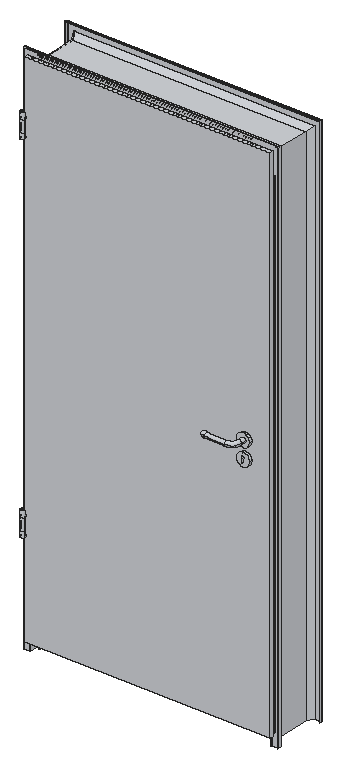
Revit family "BOS-Schrägleibungszarge-cBud-MW_Familie", category Türen, Revit 2017
Family settings
  Basisbauteil = Wand
  Immer vertikal = Ja
  Beim Laden mit Abzugskörper schneiden = Nein
  Gemeinsam genutzt = Nein
  Raumberechnungspunkt = Ja
Parameters (values of type "cBud")
  Öffnungswinkel [instance] = if(Öffnungswinkel   Aperture < Öffnungswinkel min., Öffnungswinkel min., if(Öffnungswinkel   Aperture > Öffnungswinkel max., Öffnungswinkel max., Öffnungswinkel   Aperture)) * if(DIN links   DIN Left, 1, -1)  # 0.00°
  Öffnungswinkel min. = 0.00°  # constant formula
  Öffnungswinkel max. = 180.00°  # constant formula
  Öffnungswinkel   Aperture [instance] = 0.00°
  Türblattaufschlag = 13 mm  # constant formula
  Türblattabstand links-rechts = 3.5 mm  # constant formula
  Spiegel vorne min. = 30 mm  # constant formula
  Spiegel vorne max. = 80 mm  # constant formula
  Spiegel hinten min. [instance] = Spiegel vorne + Falzaufschlag gesamt - Schrägebreite  # 30 mm
  Spiegel hinten max. [instance] = Spiegel vorne + Falzaufschlag gesamt - Schrägebreite  # 30 mm
  Sickentiefe = 10 mm  # constant formula
  Schrägetiefe min. = 15 mm  # constant formula
  Schrägetiefe max. = Falztiefe gesamt  # 28.5 mm
  Schrägetiefe   Slanting soffit depth [instance] = 28.5 mm
  Schrägetiefe [instance] = if(Schrägetiefe   Slanting soffit depth < Schrägetiefe min., Schrägetiefe min., if(Schrägetiefe   Slanting soffit depth > Schrägetiefe max., Schrägetiefe max., Schrägetiefe   Slanting soffit depth))  # 28.5 mm
  Schrägebreite min. = Falzaufschlag gesamt  # 15 mm
  Schrägebreite max. = Falzaufschlag gesamt  # 15 mm
  Schrägebreite   Slanting soffit width [instance] = Falzaufschlag gesamt  # 15 mm
  Schrägebreite [instance] = if(Schrägebreite   Slanting soffit width < Schrägebreite min., Schrägebreite min., if(Schrägebreite   Slanting soffit width > Schrägebreite max., Schrägebreite max., Schrägebreite   Slanting soffit width))  # 15 mm
  RNH Rohbau_Nennmaß_Höhe   Nominal Wall Opening Height Measurement [instance] = FMH Falzmaß Höhe + Einfügepunkt  # 2145 mm
  RNB Rohbau_Nennmaß_Breite   Nominal Wall Opening Width Measurement [instance] = FMB Falzmaß Breite + (2 * Einfügepunkt)  # 1040 mm
  Putzwinkel min. = 10 mm  # constant formula
  Putzwinkel max. = 28 mm  # constant formula
  MW min. (Formel) [instance] = Falztiefe gesamt + Leibungstiefe min. + Schrägetiefe - Putzwinkel vorne - Putzwinkel hinten  # 64 mm
  Leibungstiefe min. = 27 mm  # constant formula
  GT min. [instance] = MW min. + Putzwinkel vorne + Putzwinkel hinten  # 100 mm
  Drehpunktreferenz horizontal = 500 mm  # constant formula
  Türblattversatz vertikal = if(Gefälzt, -3.5 mm, 15.5 mm)  # -3.5 mm
  Türblattversatz  horizontal = if(Gefälzt, 11.5 mm, 6 mm)  # 11.5 mm
  Türblattabstand 3 = 4.5 mm  # constant formula
  Türblattabstand 2 = 4.5 mm  # constant formula
  Türblattabstand 1 = if(Gefälzt, 1.5 mm, -2 mm)  # 1.5 mm
  Wandstärke   Wall Thickness [instance] = 200 mm
  Stumpf = or(cBsd, cBsFd)  # no
  VX Bänder [instance] = 1 < 2  # yes
  Putzwinkel vorne   Backbend Front [instance] = 10 mm  # constant formula
  Putzwinkel hinten   Backbend Back [instance] = 10 mm  # constant formula
  LDH Lichte Durchgangs Höhe   Clearance Height [instance] = FMH Falzmaß Höhe - Falzaufschlag gesamt  # 2093 mm
  LDB Lichte Durchgangs Breite   Clearance Width [instance] = FMB Falzmaß Breite - (2 * Falzaufschlag gesamt)  # 936 mm
  Gefälzt = or(cBud, cBuFd)  # yes
  URL = "www.BestOfSteel.de/stahlzargen/zargen-fuer-drehfluegeltueren/schraegleibungszargen"
  Türblattstärke 3 = if(Doppelfalz, Falztiefe 2, 0 mm)  # 0 mm
  Türblattstärke 2 = Türblattstärke - Türblattstärke 1 - Türblattstärke 3  # 25.5 mm
  Türblattstärke 1 = if(Gefälzt, 14.5 mm, 0 mm)  # 14.5 mm
  Türblattstärke = if(Einfachfalz, 40 mm, 65 mm)  # 40 mm
  Typenbild = <Keine Auswahl>
  Spiegel vorne   Architrave Front [instance] = 30 mm
  Spiegel vorne [instance] = if(Spiegel vorne   Architrave Front < Spiegel vorne min., Spiegel vorne min., if(Spiegel vorne   Architrave Front > Spiegel vorne max., Spiegel vorne max., Spiegel vorne   Architrave Front))  # 30 mm
  Spiegel hinten   Architrave Back [instance] = 30 mm
  Spiegel hinten [instance] = if(Spiegel hinten   Architrave Back < Spiegel hinten min., Spiegel hinten min., if(Spiegel hinten   Architrave Back > Spiegel hinten max., Spiegel hinten max., Spiegel hinten   Architrave Back))  # 30 mm
  Rough Height = 0 mm  # constant formula
  Rough Width = 0 mm  # constant formula
  Rechtliche Hinweise [instance] = "www.BestOfSteel.de/tools-downloads/bim-building-information-modeling/"
  Putzwinkel vorne [instance] = if(Putzwinkel vorne   Backbend Front < Putzwinkel min., Putzwinkel min., if(Putzwinkel vorne   Backbend Front > Putzwinkel max., Putzwinkel max., Putzwinkel vorne   Backbend Front))  # 10 mm
  Putzwinkel hinten [instance] = if(Putzwinkel hinten   Backbend Back < Putzwinkel min., Putzwinkel min., if(Putzwinkel hinten   Backbend Back > Putzwinkel max., Putzwinkel max., Putzwinkel hinten   Backbend Back))  # 10 mm
  MW min. [instance] = if([MW min. (Formel)] < 80.5 mm, 80 mm, if([MW min. (Formel)] < 100.5 mm, 100 mm, if([MW min. (Formel)] < 130.5 mm, 130 mm, if([MW min. (Formel)] < 145.5 mm, 145 mm, 160 mm))))  # 80 mm
  MW max. [instance] = GT max. - Putzwinkel vorne - Putzwinkel hinten  # 630 mm
  Information in English = no
  GT max. = 650 mm  # constant formula
  GT Gesamttiefe [instance] = GT Gesamttiefe_Zarge   Total Profile Depth  # 220 mm
  Funktion = Innen
  Falztiefe gesamt = if(Einfachfalz, Falztiefe, Falztiefe + Falztiefe 2)  # 28.5 mm
  Falztiefe 2 = 25 mm  # constant formula
  Falztiefe = Türblattstärke 2 - Türblattabstand 1 + Türblattabstand 2  # 28.5 mm
  Falzaufschlag gesamt = if(Einfachfalz, Falzaufschlag, 2 * Falzaufschlag)  # 15 mm
  FMH min. = 1608 mm  # constant formula
  FMH max. = 2858 mm  # constant formula
  FMH Falzmaß_Höhe   Rebate Height Measurement [instance] = 2108 mm
  FMH Falzmaß Höhe [instance] = if(FMH Falzmaß_Höhe   Rebate Height Measurement < FMH min., FMH min., if(FMH Falzmaß_Höhe   Rebate Height Measurement > FMH max., FMH max., FMH Falzmaß_Höhe   Rebate Height Measurement))  # 2108 mm
  FMB min. = 591 mm  # constant formula
  FMB max. = 1342 mm  # constant formula
  FMB Falzmaß_Breite   Rebate Width Measurement [instance] = 966 mm
  FMB Falzmaß Breite [instance] = if(FMB Falzmaß_Breite   Rebate Width Measurement < FMB min., FMB min., if(FMB Falzmaß_Breite   Rebate Width Measurement > FMB max., FMB max., FMB Falzmaß_Breite   Rebate Width Measurement))  # 966 mm
  Drückerhöhe [instance] = if(Drückerhöhe   Handle Height < 850 mm, 850 mm, if(Drückerhöhe   Handle Height > 1050 mm, 1050 mm, Drückerhöhe   Handle Height))  # 1050 mm
  Drehpunkt Warnung sichtbar = yes
  Drehpunkt Warnung [instance] = and(Drehpunkt Warnung sichtbar, not(Öffnungswinkel = 0.00°))  # no
  Doppelfalz = or(cBuFd, cBsFd)  # no
  Einfachfalz = or(cBud, cBsd)  # yes
  Dichtungsversatz vertikal 2 [instance] = Falztiefe + Sickentiefe - Putzwinkel vorne + Falztiefe 2  # 53.5 mm
  Dichtungsversatz vertikal 1 [instance] = Falztiefe + Sickentiefe - Putzwinkel vorne  # 28.5 mm
  Dichtungsversatz horizontal 2 [instance] = Falzaufschlag  # 15 mm
  Dichtungsversatz horizontal 1 [instance] = 0 mm  # constant formula
  Dichtung 2 = Doppelfalz  # no
  Dichtung 1 = or(Einfachfalz, Doppelfalz)  # yes
  Drehpunktposition vertikal [instance] = (Wandstärke   Wall Thickness / 2) + Putzwinkel vorne + [Drehpunktabstand (SP) vertikal]  # 122.5 mm
  Drehpunktposition horizontal [instance] = Drehpunktreferenz horizontal + Einfügepunkt + if(DIN links   DIN Left, FMB Falzmaß Breite + [Drehpunktabstand (FM) horizontal], -[Drehpunktabstand (FM) horizontal])  # 1524 mm
  Drehpunktabstand (FM) horizontal = if(Gefälzt, 21 mm, 2.5 mm)  # 21 mm
  Drehpunktabstand (SP) vertikal = if(Gefälzt, 12.5 mm, 13.5 mm)  # 12.5 mm
  Bänder - Auswahl [instance] = if(Gefälzt, "3D Bänder gefälzt, Bandaufnahmen BVX11000", "3D Bänder stumpf, Bandaufnahmen BVX11000")  # "3D Bänder gefälzt, Bandaufnahmen BVX11000"
  Blechstärke = 1.5 mm  # constant formula
  BE max. = 100 mm  # constant formula
  BE Bodeneinstand [instance] = if(BE Bodeneinstand   Foundation Bedding < 0 mm, 0 mm, if(BE Bodeneinstand   Foundation Bedding > BE max., BE max., BE Bodeneinstand   Foundation Bedding))  # 30 mm
  cBsFd = no
  cBuFd = no
  Modell = "cBud"
  Material - Zarge = none
  Material - Türblatt = none
  Material - Drückergarnitur = none
  Material - Dichtung = none
  Material - Bänder = none
  Material = "grundiert, feuerverzinktes Feinblech nach DIN EN 10143"
  MW Maulweite   Receiving Opening [instance] = if(Wandstärke   Wall Thickness < MW min., MW min., if(Wandstärke   Wall Thickness > MW max., MW max., Wandstärke   Wall Thickness))  # 200 mm
  Height [instance] = RNH Rohbau_Nennmaß_Höhe   Nominal Wall Opening Height Measurement  # 2145 mm
  Hersteller = "BOS GmbH Best Of Steel, Lütkenfelde 4, D-48282 Emsdetten"
  GT Gesamttiefe_Zarge   Total Profile Depth [instance] = MW Maulweite   Receiving Opening + Putzwinkel vorne + Putzwinkel hinten  # 220 mm
  MW Fehler [instance] = or(Wandstärke   Wall Thickness < MW min., Wandstärke   Wall Thickness > MW max.)  # no
  Einfügepunkt [instance] = 7 mm + Spiegel vorne  # 37 mm
  Drückerhöhe   Handle Height [instance] = 1050 mm
  Drückergarnitur [instance] = 1 < 2  # yes
  Dicke = 0 mm  # constant formula
  DIN rechts   DIN Right [instance] = not(DIN links   DIN Left)  # no
  DIN links oder rechts [instance] = if(DIN links   DIN Left, "DIN links", "DIN rechts")  # "DIN links"
  DIN links   DIN Left [instance] = yes
  cBud = yes
  cBsd = no
  Width = 0 mm  # constant formula
  Beschreibung = "Schrägleibungszarge als Blockprofil für Mauerwerk, gefälzt"
  Bauelement = "BOS Stahlzarge"
  BOS-Architekten-Beratung = "Tel.: +49 (0) 2572 203-203; E-Mail: architekten@BestOfSteel.de"
  BE Bodeneinstand   Foundation Bedding [instance] = 30 mm
  BBL1 Bandbezugslinie   Hinge Position 1 = 241 mm  # constant formula
  BA Bandabstand   Distance Between Hinges [instance] = if(FMH Falzmaß Höhe < 1546 mm, 935 mm, if(FMH Falzmaß Höhe < 1671 mm, 1060 mm, if(FMH Falzmaß Höhe < 1796 mm, 1185 mm, if(FMH Falzmaß Höhe < 1921 mm, 1310 mm, if(FMH Falzmaß Höhe < 2171 mm, 1435 mm, if(FMH Falzmaß Höhe < 2296 mm, 1685 mm, if(FMH Falzmaß Höhe < 2421 mm, 1810 mm, if(FMH Falzmaß Höhe < 2546 mm, 1935 mm, if(FMH Falzmaß Höhe < 2671 mm, 2060 mm, if(FMH Falzmaß Höhe < 2796 mm, 2185 mm, 2310 mm))))))))))  # 1435 mm
  Falzaufschlag = 15 mm  # constant formula
  Technische Infos rund um die Stahlzarge = "www.BestOfSteel.de/tools-downloads/technische-infos-rund-um-die-stahlzarge/"
  Info-Texte sichtbar = yes
Reference planes
  plane 1 "Wand": y = 0
  plane 2 "Mitte (Links/rechts)": x = 125
  plane 3 "Hinten": y = 100
  plane 4 "Vorne": y = -100
  plane 5 "RNB links": x = -395
  plane 6 "RNB rechts": x = 645
  plane 7 "RNH oben": z = 2145
  plane 8 "BBL1": z = 1867
  plane 9 "Drückerhöhe": z = 1050
  plane 10 "BBL2": z = 432
  plane 11 "BE": z = -30
  plane 12 "FMH oben": z = 2108
  plane 13 "BE max.": z = -100
  plane 14 "FMB links": x = -358
  plane 15 "FMB rechts": x = 608
  plane 16 "Drehpunkt vertikal": y = -122.5
  plane 17 "Drehpunkt horizontal": x = -379
  plane 18 "Drehpunktreferenz horizontal": x = 1145
Forms (mm)
  Sweep 1, solid, material <- "Material - Zarge", visible <- "Einfachfalz", detail levels medium+fine
    path origin (0, -100, 0) x (-1, 0, 0) y (0, 0, 1)
      loop
        line (395, -30) -> (395, 2145) -> (-645, 2145) -> (-645, -30)
    profile "BOS-cBud-cBsd_Profil : BOS-cBud-cBsd_Profil" origin (-395, -100, 1057.5) x (1, 0, 0) y (0, 1, 0)
      loop
        arc (9.5, 210) -> (7.732, 209.268) -> (7, 207.5) r 2.5
        line (7, 207.5) -> (7, 200) -> (8.5, 200) -> (8.5, 207.5)
        arc (8.5, 207.5) -> (8.793, 208.207) -> (9.5, 208.5) r 1
        line (9.5, 208.5) -> (36.094, 208.5) -> (50.5, 181.129) -> (50.5, 21.25)
        arc (50.5, 21.25) -> (49.135, 20.005) -> (48.021, 21.479) r 1.25
        line (48.021, 21.479) -> (48.949, 26.449)
        arc (48.949, 26.449) -> (48.308, 28.917) -> (46, 30) r 3
        line (46, 30) -> (38, 30)
        arc (38, 30) -> (36.232, 29.268) -> (35.5, 27.5) r 2.5
        line (35.5, 27.5) -> (35.5, -7.5)
        arc (35.5, -7.5) -> (35.207, -8.207) -> (34.5, -8.5) r 1
        line (34.5, -8.5) -> (9.5, -8.5)
        arc (9.5, -8.5) -> (8.793, -8.207) -> (8.5, -7.5) r 1
        line (8.5, -7.5) -> (8.5, 0) -> (7, 0) -> (7, -7.5)
        arc (7, -7.5) -> (7.732, -9.268) -> (9.5, -10) r 2.5
        line (9.5, -10) -> (34.5, -10)
        arc (34.5, -10) -> (36.268, -9.268) -> (37, -7.5) r 2.5
        line (37, -7.5) -> (37, 27.5)
        arc (37, 27.5) -> (37.293, 28.207) -> (38, 28.5) r 1
        line (38, 28.5) -> (46, 28.5)
        arc (46, 28.5) -> (47.154, 27.958) -> (47.475, 26.725) r 1.5
        line (47.475, 26.725) -> (46.547, 21.755)
        arc (46.547, 21.755) -> (48.996, 18.512) -> (52, 21.25) r 2.75
        line (52, 21.25) -> (52, 181.5) -> (37, 210) -> (9.5, 210)
  Sweep 2, solid, material <- "Material - Dichtung", visible <- "Dichtung 1", detail levels medium+fine
    path origin (0, -100, 0) x (-1, 0, 0) y (0, 0, 1)
      loop
        line (358, 0) -> (358, 2108) -> (-608, 2108) -> (-608, 0)
    profile "BOS-Dichtung_Profil : BOS-Dichtung_Profil" origin (-358, -100, 1054) x (1, 0, 0) y (0, 1, 0)
      loop
        arc (2.601, 27.263) -> (2.248, 27.116) -> (2.102, 26.763) r 0.5
        line (2.102, 26.763) -> (2.102, 22.634)
        arc (2.102, 22.634) -> (2.243, 22.254) -> (2.599, 22.057) r 0.584
        line (2.599, 22.057) -> (7.702, 21.28)
        arc (7.702, 21.28) -> (8.08, 21.392) -> (8.234, 21.754) r 0.462
        line (8.234, 21.754) -> (8.069, 25.992)
        arc (8.069, 25.992) -> (7.918, 26.403) -> (7.556, 26.65) r 0.716
        arc (7.556, 26.65) -> (5.104, 27.16) -> (2.601, 27.263) r 15.257
      loop
        arc (2.671, 20.957) -> (2.274, 20.838) -> (2.102, 20.46) r 0.501
        line (2.102, 20.46) -> (2.102, 17.565)
        arc (2.102, 17.565) -> (2.227, 17.151) -> (2.561, 16.874) r 0.75
        line (2.561, 16.874) -> (9.159, 15)
        arc (9.159, 15) -> (9.738, 14.926) -> (10.314, 15.026) r 1.962
        arc (10.314, 15.026) -> (11.596, 15.754) -> (12.503, 16.916) r 3.79
        arc (12.503, 16.916) -> (12.466, 17.289) -> (12.114, 17.416) r 0.351
        arc (12.114, 17.416) -> (9.731, 17.818) -> (8.301, 19.767) r 3.215
        arc (8.301, 19.767) -> (8.101, 20.097) -> (7.751, 20.259) r 0.66
        line (7.751, 20.259) -> (2.671, 20.957)
      loop
        arc (9.885, 26.692) -> (6.361, 28.049) -> (2.611, 28.5) r 15.273
        arc (2.611, 28.5) -> (1.229, 28.241) -> (0, 27.558) r 4.388
        arc (0, 27.558) -> (-0.126, 27.198) -> (0.203, 27.005) r 0.3
        line (0.203, 27.005) -> (1.052, 27.179) -> (1.052, 22.212) -> (0.253, 21.589)
        arc (0.253, 21.589) -> (0.158, 21.198) -> (0.517, 21.017) r 0.324
        arc (0.517, 21.017) -> (0.888, 20.925) -> (1.052, 20.58) r 0.446
        line (1.052, 20.58) -> (1.052, 17.338) -> (0.255, 16.575)
        arc (0.255, 16.575) -> (0.205, 16.209) -> (0.55, 16.077) r 0.297
        arc (0.55, 16.077) -> (1.217, 16.194) -> (1.892, 16.137) r 2.63
        line (1.892, 16.137) -> (9.198, 14.049)
        arc (9.198, 14.049) -> (9.621, 14.008) -> (10.045, 14.024) r 3.219
        arc (10.045, 14.024) -> (12.714, 15.531) -> (14.033, 18.298) r 5.088
        arc (14.033, 18.298) -> (13.874, 18.708) -> (13.442, 18.788) r 0.451
        line (13.442, 18.788) -> (12.151, 18.352)
        arc (12.151, 18.352) -> (10.406, 18.72) -> (9.336, 20.147) r 2.533
        line (9.336, 20.147) -> (9.088, 25.569)
        arc (9.088, 25.569) -> (9.253, 25.964) -> (9.663, 26.087) r 0.501
        arc (9.663, 26.087) -> (10.021, 26.299) -> (9.885, 26.692) r 0.329
  Sweep 3, solid, material <- "Material - Zarge", visible <- "Doppelfalz", detail levels medium+fine
    path origin (0, -100, 0) x (-1, 0, 0) y (0, 0, 1)
      loop
        line (395, -30) -> (395, 2145) -> (-645, 2145) -> (-645, -30)
    profile "BOS-cBuFd-cBsFd_Profil : BOS-cBuFd-cBsFd_Profil" origin (-395, -100, 1057.5) x (1, 0, 0) y (0, 1, 0)
      loop
        arc (24.5, 210) -> (22.732, 209.268) -> (22, 207.5) r 2.5
        line (22, 207.5) -> (22, 200) -> (23.5, 200) -> (23.5, 207.5)
        arc (23.5, 207.5) -> (23.793, 208.207) -> (24.5, 208.5) r 1
        line (24.5, 208.5) -> (51.094, 208.5) -> (65.5, 181.129) -> (65.5, 46.25)
        arc (65.5, 46.25) -> (64.135, 45.005) -> (63.021, 46.479) r 1.25
        line (63.021, 46.479) -> (63.949, 51.449)
        arc (63.949, 51.449) -> (63.308, 53.917) -> (61, 55) r 3
        line (61, 55) -> (53, 55)
        arc (53, 55) -> (51.232, 54.268) -> (50.5, 52.5) r 2.5
        line (50.5, 52.5) -> (50.5, 21.25)
        arc (50.5, 21.25) -> (49.135, 20.005) -> (48.021, 21.479) r 1.25
        line (48.021, 21.479) -> (48.949, 26.449)
        arc (48.949, 26.449) -> (48.308, 28.917) -> (46, 30) r 3
        line (46, 30) -> (38, 30)
        arc (38, 30) -> (36.232, 29.268) -> (35.5, 27.5) r 2.5
        line (35.5, 27.5) -> (35.5, -7.5)
        arc (35.5, -7.5) -> (35.207, -8.207) -> (34.5, -8.5) r 1
        line (34.5, -8.5) -> (9.5, -8.5)
        arc (9.5, -8.5) -> (8.793, -8.207) -> (8.5, -7.5) r 1
        line (8.5, -7.5) -> (8.5, 0) -> (7, 0) -> (7, -7.5)
        arc (7, -7.5) -> (7.732, -9.268) -> (9.5, -10) r 2.5
        line (9.5, -10) -> (34.5, -10)
        arc (34.5, -10) -> (36.268, -9.268) -> (37, -7.5) r 2.5
        line (37, -7.5) -> (37, 27.5)
        arc (37, 27.5) -> (37.293, 28.207) -> (38, 28.5) r 1
        line (38, 28.5) -> (46, 28.5)
        arc (46, 28.5) -> (47.154, 27.958) -> (47.475, 26.725) r 1.5
        line (47.475, 26.725) -> (46.547, 21.755)
        arc (46.547, 21.755) -> (48.996, 18.512) -> (52, 21.25) r 2.75
        line (52, 21.25) -> (52, 52.5)
        arc (52, 52.5) -> (52.293, 53.207) -> (53, 53.5) r 1
        line (53, 53.5) -> (61, 53.5)
        arc (61, 53.5) -> (62.154, 52.958) -> (62.475, 51.725) r 1.5
        line (62.475, 51.725) -> (61.547, 46.755)
        arc (61.547, 46.755) -> (63.996, 43.512) -> (67, 46.25) r 2.75
        line (67, 46.25) -> (67, 181.5) -> (52, 210) -> (24.5, 210)
  Sweep 4, solid, material <- "Material - Dichtung", visible <- "Dichtung 2", detail levels medium+fine
    path origin (0, -100, 0) x (-1, 0, 0) y (0, 0, 1)
      loop
        line (358, 0) -> (358, 2108) -> (-608, 2108) -> (-608, 0)
    profile "BOS-Dichtung_Profil : BOS-Dichtung_Profil" origin (-358, -100, 1054) x (1, 0, 0) y (0, 1, 0)
      loop
        arc (17.601, 52.263) -> (17.248, 52.116) -> (17.102, 51.763) r 0.5
        line (17.102, 51.763) -> (17.102, 47.634)
        arc (17.102, 47.634) -> (17.243, 47.254) -> (17.599, 47.057) r 0.584
        line (17.599, 47.057) -> (22.702, 46.28)
        arc (22.702, 46.28) -> (23.08, 46.392) -> (23.234, 46.754) r 0.462
        line (23.234, 46.754) -> (23.069, 50.992)
        arc (23.069, 50.992) -> (22.918, 51.403) -> (22.556, 51.65) r 0.716
        arc (22.556, 51.65) -> (20.104, 52.16) -> (17.601, 52.263) r 15.257
      loop
        arc (17.671, 45.957) -> (17.274, 45.838) -> (17.102, 45.46) r 0.501
        line (17.102, 45.46) -> (17.102, 42.565)
        arc (17.102, 42.565) -> (17.227, 42.151) -> (17.561, 41.874) r 0.75
        line (17.561, 41.874) -> (24.159, 40)
        arc (24.159, 40) -> (24.738, 39.926) -> (25.314, 40.026) r 1.962
        arc (25.314, 40.026) -> (26.596, 40.754) -> (27.503, 41.916) r 3.79
        arc (27.503, 41.916) -> (27.466, 42.289) -> (27.114, 42.416) r 0.351
        arc (27.114, 42.416) -> (24.731, 42.818) -> (23.301, 44.767) r 3.215
        arc (23.301, 44.767) -> (23.101, 45.097) -> (22.751, 45.259) r 0.66
        line (22.751, 45.259) -> (17.671, 45.957)
      loop
        arc (24.885, 51.692) -> (21.361, 53.049) -> (17.611, 53.5) r 15.273
        arc (17.611, 53.5) -> (16.229, 53.241) -> (15, 52.558) r 4.388
        arc (15, 52.558) -> (14.874, 52.198) -> (15.203, 52.005) r 0.3
        line (15.203, 52.005) -> (16.052, 52.179) -> (16.052, 47.212) -> (15.253, 46.589)
        arc (15.253, 46.589) -> (15.158, 46.198) -> (15.517, 46.017) r 0.324
        arc (15.517, 46.017) -> (15.888, 45.925) -> (16.052, 45.58) r 0.446
        line (16.052, 45.58) -> (16.052, 42.338) -> (15.255, 41.575)
        arc (15.255, 41.575) -> (15.205, 41.209) -> (15.55, 41.077) r 0.297
        arc (15.55, 41.077) -> (16.217, 41.194) -> (16.892, 41.137) r 2.63
        line (16.892, 41.137) -> (24.198, 39.049)
        arc (24.198, 39.049) -> (24.621, 39.008) -> (25.045, 39.024) r 3.219
        arc (25.045, 39.024) -> (27.714, 40.531) -> (29.033, 43.298) r 5.088
        arc (29.033, 43.298) -> (28.874, 43.708) -> (28.442, 43.788) r 0.451
        line (28.442, 43.788) -> (27.151, 43.352)
        arc (27.151, 43.352) -> (25.406, 43.72) -> (24.336, 45.147) r 2.533
        line (24.336, 45.147) -> (24.088, 50.569)
        arc (24.088, 50.569) -> (24.253, 50.964) -> (24.663, 51.087) r 0.501
        arc (24.663, 51.087) -> (25.021, 51.299) -> (24.885, 51.692) r 0.329
  Sweep 5, void
    path origin (0, -100, 0) x (-1, 0, 0) y (0, 0, 1)
      loop
        line (395, 0) -> (395, 2145) -> (-125, 2145)
    profile "BOS-AK-Schrägleibungszarge-Einfachfalz-MW_Profil : BOS-AK-Schrägleibungszarge-Einfachfalz-MW_Profil" origin (-395, -100, 1072.5) x (1, 0, 0) y (0, 1, 0)
      loop
        line (50.5, 181.129) -> (50.5, 30) -> (38, 30)
        arc (38, 30) -> (36.232, 29.268) -> (35.5, 27.5) r 2.5
        line (35.5, 27.5) -> (35.5, 0) -> (520, 0) -> (520, 210) -> (35.305, 210) -> (50.5, 181.129)
  Sweep 6, void
    path origin (0, -100, 0) x (-1, 0, 0) y (0, 0, 1)
      loop
        line (-645, 0) -> (-645, 2145) -> (-125, 2145)
    profile "BOS-AK-Schrägleibungszarge-Einfachfalz-MW_Profil : BOS-AK-Schrägleibungszarge-Einfachfalz-MW_Profil" origin (645, -100, 1072.5) x (1, 0, 0) y (0, 1, 0)
      loop
        line (-50.5, 181.129) -> (-35.305, 210) -> (-520, 210) -> (-520, 0) -> (-35.5, 0) -> (-35.5, 27.5)
        arc (-35.5, 27.5) -> (-36.232, 29.268) -> (-38, 30) r 2.5
        line (-38, 30) -> (-50.5, 30) -> (-50.5, 181.129)
  Sweep 7, void
    path origin (0, -100, 0) x (-1, 0, 0) y (0, 0, 1)
      loop
        line (395, 0) -> (395, 2145) -> (-125, 2145)
    profile "BOS-AK-Schrägleibungszarge-Doppelfalz-MW_Profil : BOS-AK-Schrägleibungszarge-Doppelfalz-MW_Profil" origin (-395, -100, 1072.5) x (1, 0, 0) y (0, 1, 0)
      loop
        arc (75, 30) -> (73.232, 29.268) -> (72.5, 27.5) r 2.5
        line (72.5, 27.5) -> (72.5, 0) -> (520, 0) -> (520, 210) -> (87.305, 210) -> (102.5, 181.129) -> (102.5, 55) -> (90, 55)
        arc (90, 55) -> (88.232, 54.268) -> (87.5, 52.5) r 2.5
        line (87.5, 52.5) -> (87.5, 30) -> (75, 30)
  Sweep 8, void
    path origin (0, -100, 0) x (-1, 0, 0) y (0, 0, 1)
      loop
        line (-645, 0) -> (-645, 2145) -> (-125, 2145)
    profile "BOS-AK-Schrägleibungszarge-Doppelfalz-MW_Profil : BOS-AK-Schrägleibungszarge-Doppelfalz-MW_Profil" origin (645, -100, 1072.5) x (1, 0, 0) y (0, 1, 0)
      loop
        line (-75, 30) -> (-87.5, 30) -> (-87.5, 52.5)
        arc (-87.5, 52.5) -> (-88.232, 54.268) -> (-90, 55) r 2.5
        line (-90, 55) -> (-102.5, 55) -> (-102.5, 181.129) -> (-87.305, 210) -> (-520, 210) -> (-520, 0) -> (-72.5, 0) -> (-72.5, 27.5)
        arc (-72.5, 27.5) -> (-73.232, 29.268) -> (-75, 30) r 2.5
Lines and regions (mm)
  reference lines
    curve 1: line (65, 650, 0) -> (185, 650, 0)
    curve 2: line (-379, -122.5, 0) -> (321, -122.5, 0)
    curve 3: line (65, -350, 0) -> (185, -350, 0)
    curve 4: line (65, -650, 0) -> (185, -650, 0)
    curve 9: line (65, 150, 0) -> (185, 150, 0)
  symbolic lines, style "DoorsHiddenLines", visible <- "DIN links   DIN Left", detail levels coarse
    curve 5: arc (645, -100, 0) -> (340.391, -835.391, 0) -> (-395, -1140, 0) r 1040
  symbolic lines, style "Doors", visible <- "DIN links   DIN Left", detail levels coarse
    curve 6: line (-395, -100, 0) -> (-395, -1140, 0)
  symbolic lines, style "DoorsHiddenLines", visible <- "DIN rechts   DIN Right", detail levels coarse
    curve 7: arc (-395, -100, 0) -> (-90.391, -835.391, 0) -> (645, -1140, 0) r 1040
  symbolic lines, style "Doors", visible <- "DIN rechts   DIN Right", detail levels coarse
    curve 8: line (645, -100, 0) -> (645, -1140, 0)
Text (mm)
  text "Außen     " at (-1696.17, 830.944, 0), in view "Ref.-Ebene"
  text "Außen" at (0, 1409.804, 2854.306), in view "Links"
  text "Placement side" at (0, 499.811, 2980.732), in view "Rechts"
Dimensions and locks
  locked: plane 3 "Hinten" to host wall
  locked: host wall to plane 4 "Vorne" at 0
  equal spacing: plane 5 "RNB links", plane 2 "Mitte (Links/rechts)", plane 6 "RNB rechts"
  "RNB Rohbau_Nennmaß_Breite   Nominal Wall Opening Width Measurement": plane 5 "RNB links" to plane 6 "RNB rechts"
  "Drückerhöhe": level to plane 9 "Drückerhöhe"
  "BE Bodeneinstand": plane 11 "BE" to level
  "Wandstärke   Wall Thickness": host wall to host wall
  "BBL1 Bandbezugslinie   Hinge Position 1": plane 12 "FMH oben" to plane 8 "BBL1"
  "BA Bandabstand   Distance Between Hinges": plane 8 "BBL1" to plane 10 "BBL2"
  "FMH Falzmaß Höhe": plane 12 "FMH oben" to level
  "RNH Rohbau_Nennmaß_Höhe   Nominal Wall Opening Height Measurement": plane 7 "RNH oben" to level
  curve 4 to curve 3 to plane 4 "Vorne" to plane 3 "Hinten" to curve 9 to curve 1 = 300 mm, 250 mm, 200 mm, 50 mm, 500 mm
  "BE max.": level to plane 13 "BE max."
  equal spacing: plane 14 "FMB links", plane 2 "Mitte (Links/rechts)", plane 15 "FMB rechts"
  "FMB Falzmaß Breite": plane 14 "FMB links" to plane 15 "FMB rechts"
  "Drehpunktposition vertikal": host wall to plane 16 "Drehpunkt vertikal"
  "Drehpunktreferenz horizontal": plane 6 "RNB rechts" to plane 18 "Drehpunktreferenz horizontal"
  "Drehpunktposition horizontal": plane 17 "Drehpunkt horizontal" to plane 18 "Drehpunktreferenz horizontal"
  "Öffnungswinkel": angle curve 2 to plane 16 "Drehpunkt vertikal"
  aligned and locked: plane 1 "Wand" to host wall
  aligned and locked: plane 6 "RNB rechts" to nested 1
  aligned and locked: nested 1 to plane 4 "Vorne"
  aligned and locked: plane 9 "Drückerhöhe" to nested 1
  aligned and locked: Sweep 2 sketch curve to plane 14 "FMB links"
  aligned and locked: Sweep 2 sketch curve to plane 12 "FMH oben"
  aligned and locked: Sweep 2 sketch curve to plane 15 "FMB rechts"
  aligned and locked: Sweep 4 sketch curve to plane 15 "FMB rechts"
  aligned and locked: Sweep 4 sketch curve to plane 12 "FMH oben"
  aligned and locked: Sweep 4 sketch curve to plane 14 "FMB links"
  aligned and locked: plane 16 "Drehpunkt vertikal" to curve 2
  aligned and locked: plane 17 "Drehpunkt horizontal" to curve 2
  aligned and locked: curve 2 to nested 2
  aligned and locked: nested 4 to plane 10 "BBL2"
  aligned and locked: plane 8 "BBL1" to nested 3
  aligned and locked: plane 17 "Drehpunkt horizontal" to nested 3
  aligned and locked: plane 17 "Drehpunkt horizontal" to nested 4
  aligned and locked: plane 16 "Drehpunkt vertikal" to nested 3
  aligned and locked: plane 16 "Drehpunkt vertikal" to nested 4
  aligned and locked: curve 1 to nested 8
  aligned and locked: plane 2 "Mitte (Links/rechts)" to nested 8
  aligned and locked: plane 18 "Drehpunktreferenz horizontal" to nested 6
  aligned and locked: plane 1 "Wand" to nested 6
  aligned and locked: nested 7 to plane 2 "Mitte (Links/rechts)"
  aligned and locked: curve 3 to nested 5
  aligned and locked: nested 5 to plane 2 "Mitte (Links/rechts)"
  aligned and locked: curve 4 to nested 7
  aligned and locked: nested 9 to plane 4 "Vorne"
  aligned and locked: plane 4 "Vorne" to nested 10
  aligned and locked: plane 6 "RNB rechts" to nested 10
  aligned and locked: plane 5 "RNB links" to nested 9
  aligned and locked: Sweep 5 sketch curve to plane 7 "RNH oben"
  aligned and locked: plane 5 "RNB links" to Sweep 5 sketch curve
  aligned and locked: plane 2 "Mitte (Links/rechts)" to Sweep 5 sketch curve
  aligned and locked: level to Sweep 5 sketch curve
  aligned and locked: plane 7 "RNH oben" to Sweep 6 sketch curve
  aligned and locked: plane 6 "RNB rechts" to Sweep 6 sketch curve
  aligned and locked: plane 2 "Mitte (Links/rechts)" to Sweep 6 sketch curve
  aligned and locked: level to Sweep 6 sketch curve
  aligned and locked: Sweep 7 sketch curve to plane 7 "RNH oben"
  aligned and locked: plane 5 "RNB links" to Sweep 7 sketch curve
  aligned and locked: plane 2 "Mitte (Links/rechts)" to Sweep 7 sketch curve
  aligned and locked: level to Sweep 7 sketch curve
  aligned and locked: plane 7 "RNH oben" to Sweep 8 sketch curve
  aligned and locked: plane 2 "Mitte (Links/rechts)" to Sweep 8 sketch curve
  aligned and locked: plane 6 "RNB rechts" to Sweep 8 sketch curve
  aligned and locked: level to Sweep 8 sketch curve
  aligned and locked: nested 11 to nested 9  (x2)
  aligned and locked: curve 9 to nested 12
  aligned and locked: plane 2 "Mitte (Links/rechts)" to nested 12
Automatic sketch dimensions
  Sweep 1 sketch curve to plane 6 "RNB rechts" = 0 mm
  Sweep 1 sketch curve to plane 5 "RNB links" = 0 mm
  Sweep 1 sketch curve to plane 11 "BE" = 0 mm  (x2)
  Sweep 1 sketch curve to plane 7 "RNH oben" = 0 mm
  Sweep 2 sketch curve to level = 0 mm  (x2)
  Sweep 3 sketch curve to plane 6 "RNB rechts" = 0 mm
  Sweep 3 sketch curve to plane 5 "RNB links" = 0 mm
  Sweep 3 sketch curve to plane 11 "BE" = 0 mm  (x2)
  Sweep 3 sketch curve to plane 7 "RNH oben" = 0 mm
  Sweep 4 sketch curve to level = 0 mm  (x2)
  host wall to curve 7 = 0 mm
  curve 6 to plane 5 "RNB links" = 0 mm
  host wall to curve 8 = 0 mm
  host wall to curve 5 = 0 mm
  curve 5 to plane 6 "RNB rechts" = 0 mm
  host wall to curve 6 = 0 mm
  curve 7 to plane 5 "RNB links" = 0 mm
  curve 8 to plane 6 "RNB rechts" = 0 mm
  curve 4 to plane 2 "Mitte (Links/rechts)" = 60 mm
  curve 9 to plane 2 "Mitte (Links/rechts)" = 60 mm
  curve 3 to plane 2 "Mitte (Links/rechts)" = 60 mm
  curve 1 to plane 2 "Mitte (Links/rechts)" = 60 mm
  plane 2 "Mitte (Links/rechts)" to curve 3 = 60 mm
  plane 2 "Mitte (Links/rechts)" to curve 1 = 60 mm
  plane 2 "Mitte (Links/rechts)" to curve 4 = 60 mm
  plane 2 "Mitte (Links/rechts)" to curve 9 = 60 mm
Nested families
  nested 1: "BOS-BOS_Modell" at (645, -100, 1050), type "BOS-BOS_Modell", not visible
    with Abstand 37 mm
  nested 2: "BOS-Türblatt_Modell" at (125, -119, 0), type "BOS-Türblatt_Modell"
    with Glastürdrücker DIN rechts no, Glastürdrücker DIN links no, Drückergarnitur DIN rechts no, Drückergarnitur DIN links yes
  nested 3: "BOS-Band-VX_Modell" at (-379, -122.5, 1867), visible <- "VX Bänder", type "BOS-Band-VX_Modell", detail levels fine
  nested 4: "BOS-Band-VX_Modell" at (-379, -122.5, 432), visible <- "VX Bänder", type "BOS-Band-VX_Modell", detail levels fine
  nested 5: "BOS-Info-Texte_Beschriftung" at (125, -350.955, 0), visible <- "Drehpunkt Warnung", type "Drehpunkt Warnung"
  nested 6: "BOS-Info-Texte_Beschriftung" at (1145, -0.955, 0), visible <- "MW Fehler", type "Maulweite Fehlermeldung"
  nested 7: "BOS-Info-Texte_Beschriftung" at (125, -650.955, 0), visible <- "Info-Texte sichtbar", type "Rechtliche Hinweise"
  nested 8: "BOS-Info-Texte_Beschriftung" at (125, 649.045, 0), visible <- "Info-Texte sichtbar", type "Technische Hinweise"
  nested 9: "BOS-loser-Propelleranker_Detail" at (-395, -85, 0), type "BOS-loser-Propelleranker_Detail", detail levels fine
  nested 10: "BOS-loser-Propelleranker_Detail" at (645, -85, 0) x (-1, 0, 0) z (0, 0, 1), type "BOS-loser-Propelleranker_Detail", detail levels fine
  nested 11: "BOS-Logo_Modell" at (-388, 85, 0), type "BOS-Logo_Modell", detail levels fine
    with Abstand horizontal 4 mm
  nested 12: "BOS-Info-Texte_Beschriftung" at (125, 149.045, 0), visible <- "Info-Texte sichtbar", type "Rohbaumaß Warnung (Spiegelbreiten)"
Definition of nested family "BOS-Türblatt_Modell"
  Parameters (values of type "BOS-Türblatt_Modell")
    Default Elevation = 1219.2 mm
    URL = "www.BestOfSteel.de"
    Türblattversatz vertikal = -3.5 mm
    Türblattversatz horizontal = 11.5 mm
    Technische Infos rund um die Stahlzarge = "www.BestOfSteel.de/tools-downloads/technische-infos-rund-um-die-stahlzarge/"
    Türblattaufschlag = 13 mm
    Türblattstärke 3 = 0 mm
    Türblattstärke 2 = 25.5 mm
    Türblattstärke 1 = 14.5 mm
    Türblattstärke = 40 mm
    Türblattabstand oben = 4 mm
    Türblattabstand unten = 7 mm
    Türblattabstand links-rechts = 3.5 mm
    TAH3 Türblatt Außenmaß Höhe 3 = FMH Zargen Falzmaß Höhe - Falzaufschlag - Türblattabstand oben - Türblattabstand unten  # 2082 mm
    TAH2 Türblatt Außenmaß Höhe 2 = FMH Zargen Falzmaß Höhe - Türblattabstand oben - Türblattabstand unten  # 2097 mm
    TAH Türblatt Außenmaß Höhe = FMH Zargen Falzmaß Höhe + if(Gefälzt, Türblattaufschlag, 0 mm) - Türblattabstand oben - Türblattabstand unten  # 2110 mm
    Stumpf = no
    Rechtliche Hinweise = "www.BestOfSteel.de/tools-downloads/bim-building-information-modeling/"
    Material - Türblatt = none
    Material - Drückergarnitur = none
    Glastürtdrücker = no
    Glastürdrücker DIN rechts [instance] = and(Glastürtdrücker, DIN rechts)  # no
    Glastürdrücker DIN links [instance] = and(Glastürtdrücker, DIN links)  # no
    Gefälzt = yes
    FMH Zargen Falzmaß Höhe = 2108 mm
    FMB Zargen Falzmaß Breite = 966 mm
    Einfachfalz = yes
    Drückerhöhe = 1050 mm
    Drückergarnitur = yes
    Drückerabstand = 100 mm
    Drehpunktabstand vertikal = (2 * Türblattstärke) + Türblattversatz vertikal  # 76.5 mm
    Drehpunktabstand horizontal = (TAB Türblatt Außenmass Breite / 2) + if(DIN links, -Türblattversatz horizontal, TAB Türblatt Außenmass Breite + Türblattversatz horizontal)  # 481 mm
    Doppelfalz = no
    Drückergarnitur DIN rechts [instance] = and(Drückergarnitur, DIN rechts)  # no
    Drückergarnitur DIN links [instance] = and(Drückergarnitur, DIN links)  # yes
    DIN rechts = no
    DIN links = yes
    Description = "Holz- oder Glastürblatt, mit Drücker, gefälzt oder stumpf"
    Keynote = "BOS Türblatt"
    TAB3 Türblatt Außenmass Breite Türblatt 3 = FMB Zargen Falzmaß Breite - 2 * (Falzaufschlag + [Türblattabstand links-rechts])  # 929 mm
    TAB Türblatt Außenmass Breite = FMB Zargen Falzmaß Breite + 2 * (if(Gefälzt, Türblattaufschlag, 0 mm) - [Türblattabstand links-rechts])  # 985 mm
    TAB2 Türblatt Außenmass Breite Türblatt 2 = FMB Zargen Falzmaß Breite - 2 * ([Türblattabstand links-rechts])  # 959 mm
    Falzaufschlag = 15 mm
    BOS-Architekten-Beratung = "Tel.: +49 (0) 2572 203-203; E-Mail: architekten@BestOfSteel.de"
  Reference planes
    plane 1: y = -7
    plane 2: z = 0
    plane 3: x = 0
    plane 4: z = 7
    plane 5: z = 2117
    plane 6: x = -492.5
    plane 7: x = 492.5
    plane 8: x = -479.5
    plane 9: x = 479.5
    plane 10: x = 464.5
    plane 11: x = -464.5
    plane 12: y = 7.5
    plane 13: y = 33
    plane 14: y = 33
    plane 15: z = 2104
    plane 16: z = 2089
    plane 17: x = -392.5
    plane 18: x = 392.5
    plane 19: y = 73
    plane 20: z = 1050
    plane 21: x = -502.5
    plane 22: x = 502.5
    plane 23: z = 2127
    plane 24: x = -985
    plane 25: x = -504
    plane 26: y = -3.5
  Forms (mm)
    Extrusion 1, solid, material <- "Material - Türblatt", detail levels medium+fine
      sketch origin (0, 0, 0) x (1, 0, 0) y (0, 1, 0)
        loop
          line (-492.5, 33) -> (-492.5, -7) -> (492.5, -7) -> (492.5, 33) -> (-492.5, 33)
      from 7 to 2117
    Extrusion 2, void
      sketch origin (0, 0, 0) x (1, 0, 0) y (0, 1, 0)
        loop
          line (-502.5, 73) -> (-502.5, 7.5) -> (-479.5, 7.5) -> (-479.5, 33) -> (-464.5, 33) -> (-464.5, 73) -> (-502.5, 73)
        loop
          line (464.5, 73) -> (464.5, 33) -> (479.5, 33) -> (479.5, 7.5) -> (502.5, 7.5) -> (502.5, 73) -> (464.5, 73)
      from 7 to 2117
    Extrusion 3, void
      sketch origin (0, 0, 0) x (0, 1, 0) y (0, 0, 1)
        loop
          line (73, 2127) -> (7.5, 2127) -> (7.5, 2104) -> (33, 2104) -> (33, 2089) -> (73, 2089) -> (73, 2127)
      from -492.5 to 492.5
  Cuts and joins
    Extrusion 2, Extrusion 3 cuts Extrusion 1
  Dimensions and locks
    "Türblattabstand unten": plane 4 to plane 2
    equal spacing: plane 6, plane 3, plane 7
    "TAB Türblatt Außenmass Breite": plane 6 to plane 7
    equal spacing: plane 8, plane 3, plane 9
    "TAB2 Türblatt Außenmass Breite Türblatt 2": plane 8 to plane 9
    equal spacing: plane 11, plane 3, plane 10
    "TAB3 Türblatt Außenmass Breite Türblatt 3": plane 11 to plane 10
    "Türblattstärke 1": plane 1 to plane 12
    "Türblattstärke 2": plane 13 to plane 12
    "Türblattstärke 3": plane 14 to plane 13
    "TAH Türblatt Außenmaß Höhe": plane 5 to plane 4
    "TAH2 Türblatt Außenmaß Höhe 2": plane 15 to plane 4
    "TAH3 Türblatt Außenmaß Höhe 3": plane 16 to plane 4
    "Drückerabstand": plane 6 to plane 17
    "Drückerabstand": plane 18 to plane 7
    "Türblattstärke": plane 19 to plane 14
    "Drückerhöhe": plane 20 to plane 2
    plane 21 to plane 6 = 10 mm
    plane 7 to plane 22 = 10 mm
    plane 23 to plane 5 = 10 mm
    "Drehpunktabstand horizontal": plane 24 to plane 25
    "TAB Türblatt Außenmass Breite": plane 24 to plane 3
    "Drehpunktabstand vertikal": plane 19 to plane 26
    aligned and locked: level to plane 2
    aligned and locked: Extrusion 1 sketch curve to plane 1
    aligned and locked: Extrusion 1 sketch curve to plane 6
    aligned and locked: Extrusion 1 sketch curve to plane 14
    aligned and locked: Extrusion 1 sketch curve to plane 7
    aligned and locked: Extrusion 1 to plane 4
    aligned and locked: plane 5 to Extrusion 1
    aligned and locked: plane 19 to Extrusion 2 sketch curve
    aligned and locked: plane 11 to Extrusion 2 sketch curve
    aligned and locked: plane 13 to Extrusion 2 sketch curve  (x2)
    aligned and locked: plane 8 to Extrusion 2 sketch curve
    aligned and locked: Extrusion 2 sketch curve to plane 12
    aligned and locked: plane 10 to Extrusion 2 sketch curve
    aligned and locked: plane 9 to Extrusion 2 sketch curve
    aligned and locked: plane 12 to Extrusion 2 sketch curve
    aligned and locked: Extrusion 2 sketch curve to plane 19
    aligned and locked: Extrusion 2 to plane 4
    aligned and locked: plane 5 to Extrusion 2
    aligned and locked: Extrusion 3 sketch curve to plane 12
    aligned and locked: plane 19 to Extrusion 3 sketch curve
    aligned and locked: Extrusion 3 sketch curve to plane 16
    aligned and locked: Extrusion 3 sketch curve to plane 15
    aligned and locked: Extrusion 3 sketch curve to plane 13
    aligned and locked: plane 7 to Extrusion 3
    aligned and locked: Extrusion 3 to plane 6
    aligned and locked: plane 22 to Extrusion 2 sketch curve
    aligned and locked: Extrusion 2 sketch curve to plane 21
    aligned and locked: plane 23 to Extrusion 3 sketch curve
    aligned and locked: nested 1 to plane 20
    aligned and locked: plane 20 to nested 3
    aligned and locked: plane 20 to nested 2
    aligned and locked: nested 4 to plane 20
    aligned and locked: nested 1 to plane 17
    aligned and locked: nested 3 to plane 17
    aligned and locked: nested 2 to plane 18
    aligned and locked: nested 4 to plane 18
    aligned and locked: plane 1 to nested 1
    aligned and locked: nested 3 to plane 14
    aligned and locked: plane 14 to nested 4
    aligned and locked: nested 2 to plane 1
  Nested families
    nested 1: "BOS-Drückergarnitur_Modell" at (-392.5, -7, 1050), visible <- "Drückergarnitur DIN rechts", type "BOS-Drückergarnitur_Modell", detail levels fine
    nested 2: "BOS-Drückergarnitur_Modell" at (392.5, -7, 1050) x (-1, 0, 0) z (0, 0, 1), visible <- "Drückergarnitur DIN links", type "BOS-Drückergarnitur_Modell", detail levels fine
    nested 3: "BOS-Drückergarnitur_Modell" at (-392.5, 33, 1050), visible <- "Drückergarnitur DIN rechts", type "BOS-Drückergarnitur_Modell", detail levels fine
    nested 4: "BOS-Drückergarnitur_Modell" at (392.5, 33, 1050) x (-1, 0, 0) z (0, 0, 1), visible <- "Drückergarnitur DIN links", type "BOS-Drückergarnitur_Modell", detail levels fine
  Definition of nested family "BOS-Drückergarnitur_Modell"
    Parameters (values of type "BOS-Drückergarnitur_Modell")
      URL = "www.BestOfSteel.de"
      Rechtliche Hinweise = "www.BestOfSteel.de/tools-downloads/bim-building-information-modeling/"
      Material - Drückergarnitur = none
      Description = "Drücker und Rosette"
      Keynote = "BOS Drückergarnitur"
      BOS-Architekten-Beratung = "Tel.: +49 (0) 2572 203-203; E-Mail: architekten@BestOfSteel.de"
      Technische Infos rund um die Stahlzarge = "www.BestOfSteel.de/tools-downloads/technische-infos-rund-um-die-stahlzarge/"
    Reference planes
      plane 1: y = 0
      plane 2: z = 0
      plane 3: x = 0
    Forms (mm)
      Sweep 1, solid, material <- "Material - Drückergarnitur"
        path origin (0, 0, 0) x (1, 0, 0) y (0, 1, 0)
          loop
            line (0, 0) -> (0, -10)
        profile origin (0, -5, 0) x (1, 0, 0) y (0, 0, 1)
          loop
            circle (0, 0) r 26
      Sweep 2, solid, material <- "Material - Drückergarnitur"
        path origin (0, 0, 0) x (1, 0, 0) y (0, 1, 0)
          loop
            line (0, -10) -> (0, -30.336)
            arc (0, -30.336) -> (8.201, -50.135) -> (28, -58.336) r 28
            line (28, -58.336) -> (108.063, -58.336)
            arc (108.063, -58.336) -> (116.614, -56.829) -> (124.133, -52.487) r 25
        profile origin (0, -20.168, 0) x (1, 0, 0) y (0, 0, 1)
          loop
            circle (0, 0) r 9
      Sweep 3, solid, material <- "Material - Drückergarnitur"
        path origin (0, 0, -70) x (1, 0, 0) y (0, 1, 0)
          loop
            line (0, 0) -> (0, -10)
        profile origin (0, -5, -70) x (1, 0, 0) y (0, 0, 1)
          loop
            circle (0, 0) r 26
          loop
            arc (-4.3, -12.6) -> (0, -16.9) -> (4.3, -12.6) r 4.3
            line (4.3, -12.6) -> (4.3, 0)
            arc (4.3, 0) -> (7.07, 8.305) -> (0, 13.47) r 7.421
            arc (0, 13.47) -> (-7.07, 8.305) -> (-4.3, 0) r 7.421
            line (-4.3, 0) -> (-4.3, -12.6)
    Dimensions and locks
      plane 2 to Sweep 3 = 70 mm
    Automatic sketch dimensions
      Sweep 1 sketch curve to plane 3 = 0 mm
      plane 1 to Sweep 1 sketch curve = 0 mm
      plane 1 to Sweep 1 sketch curve = 10 mm
      level to Sweep 1 sketch curve = 0 mm
      profile plane to Sweep 1 sketch curve = 0 mm
      Sweep 2 sketch curve to plane 3 = 0 mm
      plane 3 to Sweep 2 sketch curve = 28 mm
      plane 1 to Sweep 2 sketch curve = 33.336 mm
      Sweep 2 sketch curve to Sweep 2 sketch curve = 80.063 mm
      plane 1 to Sweep 2 sketch curve = 58.336 mm
      Sweep 2 sketch curve to Sweep 2 sketch curve = 16.07 mm
      plane 1 to Sweep 2 sketch curve = 10 mm
      level to Sweep 2 sketch curve = 0 mm
      profile plane to Sweep 2 sketch curve = 0 mm
      Sweep 3 sketch curve to plane 3 = 0 mm
      plane 1 to Sweep 3 sketch curve = 0 mm
      plane 1 to Sweep 3 sketch curve = 10 mm
      Sweep 3 sketch curve to Sweep 3 sketch curve = 0 mm  (x2)
      Sweep 3 sketch curve to profile plane = 0 mm  (x2)
      profile plane to Sweep 3 sketch curve = 0 mm  (x3)
      Sweep 3 sketch curve to Sweep 3 sketch curve = 4.3 mm
      Sweep 3 sketch curve to Sweep 3 sketch curve = 12.6 mm
      profile plane to Sweep 3 sketch curve = 6.049 mm
      radius of Sweep 1 sketch curve = 26 mm
      radius of Sweep 2 sketch curve = 9 mm
      radius of Sweep 3 sketch curve = 26 mm
Definition of nested family "BOS-Band-VX_Modell"
  Parameters (values of type "BOS-Band-VX_Modell")
    Öffnungswinkel = 0.00°
    URL = "www.BestOfSteel.de"
    Stumpf DIN rechts = and(Stumpf, DIN rechts)  # no
    Stumpf DIN links = and(Stumpf, DIN links)  # no
    Stumpf = no
    Rechtliche Hinweise = "www.BestOfSteel.de/tools-downloads/bim-building-information-modeling/"
    Material - Bänder = none
    Manufacturer = ""
    Gefälzt DIN rechts = and(Gefälzt, DIN rechts)  # no
    Gefälzt DIN links = and(Gefälzt, DIN links)  # yes
    Gefälzt = yes
    Drehwinkel = Öffnungswinkel  # 0.00°
    DIN rechts = no
    DIN links = yes
    Description = "Band VX gefälzt oder stumpf"
    Keynote = "BOS Modell"
    BOS-Architekten-Beratung = "Tel.: +49 (0) 2572 203-203; E-Mail: architekten@BestOfSteel.de"
    Technische Infos rund um die Stahlzarge = "www.BestOfSteel.de/tools-downloads/technische-infos-rund-um-die-stahlzarge/"
  Reference planes
    plane 1: y = 0
    plane 2: z = 0
    plane 3: x = 0
  Forms (mm)
    Sweep 1, solid, material <- "Material - Bänder"
      path origin (-13.92, -27.5, 1200) x (-1, 0, 0) y (0, 0, 1)
        loop
          line (-13.92, -1247.5) -> (-13.92, -1152.5)
      profile origin (0, -27.5, 0) x (1, 0, 0) y (0, 1, 0)
        loop
          circle (0, 27.5) r 6.5
    Extrusion 2, solid, material <- "Material - Bänder", visible <- "Gefälzt DIN links"
      sketch origin (58.575, -26.745, 0) x (1, 0, 0) y (0, 1, 0)
        loop
          line (-48.615, 25.844) -> (-47.575, 37.348) -> (-47.575, 39.245) -> (-51.075, 39.245) -> (-51.075, 37.506) -> (-52.154, 25.574)
          arc (-52.154, 25.574) -> (-64.788, 24.746) -> (-54.041, 31.44) r 6.527
          line (-54.041, 31.44) -> (-51.628, 33.938)
          arc (-51.628, 33.938) -> (-67.946, 23.257) -> (-48.615, 25.844) r 10
      from -23.5 to 23.5
    Extrusion 3, solid, material <- "Material - Bänder", visible <- "Stumpf DIN links"
      sketch origin (26.489, 48.796, 0) x (1, 0, 0) y (0, 1, 0)
        loop
          line (-37.489, -37.345) -> (-36.338, -50.529)
          arc (-36.338, -50.529) -> (-16.979, -51.887) -> (-33.436, -41.602) r 10
          line (-33.436, -41.602) -> (-31.004, -44.128)
          arc (-31.004, -44.128) -> (-23.943, -42.824) -> (-19.982, -48.813) r 6.507
          arc (-19.982, -48.813) -> (-25.866, -55.271) -> (-32.842, -50.01) r 6.486
          line (-32.842, -50.01) -> (-34.035, -37.197) -> (-34.035, -35.296) -> (-37.489, -35.296) -> (-37.489, -37.345)
      from -23.5 to 23.5
    Extrusion 4, solid, material <- "Material - Bänder", visible <- "Gefälzt DIN links"
      sketch origin (0, 0, 0) x (0.5, -0.866025, 0) y (0.866025, 0.5, 0)
        loop
          arc (-3.25, -5.629) -> (-6.279, -1.682) -> (-5.629, 3.25) r 6.5
          line (-5.629, 3.25) -> (0.121, 13.209) -> (-2.91, 14.959) -> (-8.66, 5)
          arc (-8.66, 5) -> (5.664, -8.241) -> (-1.564, 9.877) r 10
          line (-1.564, 9.877) -> (-1.017, 6.42)
          arc (-1.017, 6.42) -> (6.391, -1.185) -> (-3.25, -5.629) r 6.5
      from 24 to 47.5
    Extrusion 5, solid, material <- "Material - Bänder", visible <- "Gefälzt DIN links"
      sketch origin (0, 0, 0) x (0.5, -0.866025, 0) y (0.866025, 0.5, 0)
        loop
          arc (-3.25, -5.629) -> (-6.279, -1.682) -> (-5.629, 3.25) r 6.5
          line (-5.629, 3.25) -> (0.121, 13.209) -> (-2.91, 14.959) -> (-8.66, 5)
          arc (-8.66, 5) -> (5.664, -8.241) -> (-1.564, 9.877) r 10
          line (-1.564, 9.877) -> (-1.017, 6.42)
          arc (-1.017, 6.42) -> (6.391, -1.185) -> (-3.25, -5.629) r 6.5
      from -24 to -47.5
    Extrusion 6, solid, material <- "Material - Bänder", visible <- "Stumpf DIN links"
      sketch origin (0, 0, 0) x (1, 0, 0) y (0, 1, 0)
        loop
          line (4.091, 5.051) -> (6.293, 7.771)
          arc (6.293, 7.771) -> (-9.026, -4.305) -> (10, 0) r 10
          line (10, 0) -> (10, 15.5) -> (6.5, 15.5) -> (6.5, 0)
          arc (6.5, 0) -> (0, -6.5) -> (-6.5, 0) r 6.5
          arc (-6.5, 0) -> (-2.798, 5.867) -> (4.091, 5.051) r 6.5
      from 24 to 47.5
    Extrusion 7, solid, material <- "Material - Bänder", visible <- "Stumpf DIN links"
      sketch origin (0, 0, 0) x (1, 0, 0) y (0, 1, 0)
        loop
          line (4.091, 5.051) -> (6.293, 7.771)
          arc (6.293, 7.771) -> (-9.026, -4.305) -> (10, 0) r 10
          line (10, 0) -> (10, 15.5) -> (6.5, 15.5) -> (6.5, 0)
          arc (6.5, 0) -> (0, -6.5) -> (-6.5, 0) r 6.5
          arc (-6.5, 0) -> (-2.798, 5.867) -> (4.091, 5.051) r 6.5
      from -24 to -47.5
    Extrusion 8, solid, material <- "Material - Bänder", visible <- "Stumpf DIN rechts"
      sketch origin (-26.489, 48.796, 0) x (-1, 0, 0) y (0, -1, 0)
        loop
          line (-37.489, 37.345) -> (-37.489, 35.296) -> (-34.035, 35.296) -> (-34.035, 37.197) -> (-32.842, 50.01)
          arc (-32.842, 50.01) -> (-25.866, 55.271) -> (-19.982, 48.813) r 6.486
          arc (-19.982, 48.813) -> (-23.943, 42.824) -> (-31.004, 44.128) r 6.507
          line (-31.004, 44.128) -> (-33.436, 41.602)
          arc (-33.436, 41.602) -> (-16.979, 51.887) -> (-36.338, 50.529) r 10
          line (-36.338, 50.529) -> (-37.489, 37.345)
      from -23.5 to 23.5
    Extrusion 9, solid, material <- "Material - Bänder", visible <- "Stumpf DIN rechts"
      sketch origin (0, 0, 0) x (-1, 0, 0) y (0, -1, 0)
        loop
          arc (4.091, -5.051) -> (-2.798, -5.867) -> (-6.5, 0) r 6.5
          arc (-6.5, 0) -> (0, 6.5) -> (6.5, 0) r 6.5
          line (6.5, 0) -> (6.5, -15.5) -> (10, -15.5) -> (10, 0)
          arc (10, 0) -> (-9.026, 4.305) -> (6.293, -7.771) r 10
          line (6.293, -7.771) -> (4.091, -5.051)
      from 24 to 47.5
    Extrusion 10, solid, material <- "Material - Bänder", visible <- "Stumpf DIN rechts"
      sketch origin (0, 0, 0) x (-1, 0, 0) y (0, -1, 0)
        loop
          arc (4.091, -5.051) -> (-2.798, -5.867) -> (-6.5, 0) r 6.5
          arc (-6.5, 0) -> (0, 6.5) -> (6.5, 0) r 6.5
          line (6.5, 0) -> (6.5, -15.5) -> (10, -15.5) -> (10, 0)
          arc (10, 0) -> (-9.026, 4.305) -> (6.293, -7.771) r 10
          line (6.293, -7.771) -> (4.091, -5.051)
      from -24 to -47.5
    Extrusion 11, solid, material <- "Material - Bänder", visible <- "Gefälzt DIN rechts"
      sketch origin (-58.575, -26.745, 0) x (-1, 0, 0) y (0, -1, 0)
        loop
          arc (-48.615, -25.844) -> (-67.946, -23.257) -> (-51.628, -33.938) r 10
          line (-51.628, -33.938) -> (-54.041, -31.44)
          arc (-54.041, -31.44) -> (-64.788, -24.746) -> (-52.154, -25.574) r 6.527
          line (-52.154, -25.574) -> (-51.075, -37.506) -> (-51.075, -39.245) -> (-47.575, -39.245) -> (-47.575, -37.348) -> (-48.615, -25.844)
      from -23.5 to 23.5
    Extrusion 12, solid, material <- "Material - Bänder", visible <- "Gefälzt DIN rechts"
      sketch origin (0, 0, 0) x (-0.5, -0.866025, 0) y (0.866025, -0.5, 0)
        loop
          arc (-3.25, 5.629) -> (6.391, 1.185) -> (-1.017, -6.42) r 6.5
          line (-1.017, -6.42) -> (-1.564, -9.877)
          arc (-1.564, -9.877) -> (5.664, 8.241) -> (-8.66, -5) r 10
          line (-8.66, -5) -> (-2.91, -14.959) -> (0.121, -13.209) -> (-5.629, -3.25)
          arc (-5.629, -3.25) -> (-6.279, 1.682) -> (-3.25, 5.629) r 6.5
      from 24 to 47.5
    Extrusion 13, solid, material <- "Material - Bänder", visible <- "Gefälzt DIN rechts"
      sketch origin (0, 0, 0) x (-0.5, -0.866025, 0) y (0.866025, -0.5, 0)
        loop
          arc (-3.25, 5.629) -> (6.391, 1.185) -> (-1.017, -6.42) r 6.5
          line (-1.017, -6.42) -> (-1.564, -9.877)
          arc (-1.564, -9.877) -> (5.664, 8.241) -> (-8.66, -5) r 10
          line (-8.66, -5) -> (-2.91, -14.959) -> (0.121, -13.209) -> (-5.629, -3.25)
          arc (-5.629, -3.25) -> (-6.279, 1.682) -> (-3.25, 5.629) r 6.5
      from -24 to -47.5
  Lines and regions (mm)
    reference lines
      curve 1: line (0, 0, 0) -> (110, 0, 0)
  Dimensions and locks
    "Drehwinkel": angle curve 1 to plane 1
    aligned and locked: level to plane 2
    aligned and locked: plane 3 to curve 1
    aligned and locked: plane 1 to curve 1
  Automatic sketch dimensions
    Sweep 1 sketch curve to plane 3 = 0 mm
    Sweep 1 sketch curve to level = 47.5 mm
    level to Sweep 1 sketch curve = 47.5 mm
    Sweep 1 sketch curve to profile plane = 0 mm
    profile plane to Sweep 1 sketch curve = 27.5 mm
    Extrusion 2 sketch curve to Extrusion 2 sketch curve = 0 mm  (x3)
    plane 1 to Extrusion 2 sketch curve = 0 mm
    plane 3 to Extrusion 2 sketch curve = 0 mm
    plane 1 to Extrusion 2 sketch curve = 1.171 mm
    Extrusion 2 sketch curve to Extrusion 2 sketch curve = 6.421 mm
    Extrusion 2 sketch curve to plane 1 = 7.193 mm
    Extrusion 2 sketch curve to Extrusion 2 sketch curve = 0.526 mm
    Extrusion 2 sketch curve to Extrusion 2 sketch curve = 0.553 mm
    plane 1 to Extrusion 2 sketch curve = 0.901 mm
    Extrusion 2 sketch curve to plane 1 = 10.603 mm
    Extrusion 2 sketch curve to Extrusion 2 sketch curve = 3.5 mm
    Extrusion 2 sketch curve to Extrusion 2 sketch curve = 0.158 mm
    Extrusion 2 sketch curve to Extrusion 2 sketch curve = 1.739 mm
    Extrusion 2 sketch curve to plane 1 = 4.695 mm
    Extrusion 3 sketch curve to plane 1 = 0 mm
    Extrusion 3 sketch curve to plane 1 = 11.45 mm
    Extrusion 3 sketch curve to plane 3 = 11 mm
    plane 1 to Extrusion 3 sketch curve = 1.733 mm
    Extrusion 3 sketch curve to Extrusion 3 sketch curve = 1.151 mm
    Extrusion 3 sketch curve to Extrusion 3 sketch curve = 3.454 mm
    Extrusion 3 sketch curve to plane 1 = 7.193 mm
    Extrusion 3 sketch curve to Extrusion 3 sketch curve = 0.599 mm
    plane 1 to Extrusion 3 sketch curve = 1.214 mm
    Extrusion 3 sketch curve to Extrusion 3 sketch curve = 3.496 mm
    Extrusion 3 sketch curve to plane 1 = 4.667 mm
    Extrusion 3 sketch curve to Extrusion 3 sketch curve = 2.431 mm
    Extrusion 3 sketch curve to Extrusion 3 sketch curve = 0.001 mm
    Extrusion 3 sketch curve to Extrusion 3 sketch curve = 0.021 mm
    plane 1 to Extrusion 3 sketch curve = 0.017 mm
    Extrusion 3 sketch curve to Extrusion 3 sketch curve = 0.149 mm
    Extrusion 3 sketch curve to Extrusion 3 sketch curve = 2.05 mm
    Extrusion 4 sketch curve to Extrusion 4 sketch curve = 0 mm  (x6)
    curve 1 to Extrusion 4 sketch curve = 0 mm  (x2)
    Extrusion 4 sketch curve to curve 1 = 63.66 mm
    Extrusion 4 sketch curve to Extrusion 4 sketch curve = 3.031 mm
    Extrusion 4 sketch curve to curve 1 = 57.91 mm
    Extrusion 4 sketch curve to curve 1 = 56.564 mm
    Extrusion 4 sketch curve to Extrusion 4 sketch curve = 0.548 mm
    Extrusion 4 sketch curve to Extrusion 4 sketch curve = 1.017 mm
    Extrusion 4 sketch curve to curve 1 = 54.879 mm
    Extrusion 4 sketch curve to Extrusion 4 sketch curve = 3.25 mm
    Extrusion 4 sketch curve to Extrusion 4 sketch curve = 1.75 mm
    Extrusion 5 sketch curve to Extrusion 5 sketch curve = 0 mm  (x6)
    curve 1 to Extrusion 5 sketch curve = 0 mm  (x2)
    Extrusion 5 sketch curve to curve 1 = 63.66 mm
    Extrusion 5 sketch curve to Extrusion 5 sketch curve = 3.031 mm
    Extrusion 5 sketch curve to curve 1 = 57.91 mm
    Extrusion 5 sketch curve to curve 1 = 56.564 mm
    Extrusion 5 sketch curve to Extrusion 5 sketch curve = 0.548 mm
    Extrusion 5 sketch curve to Extrusion 5 sketch curve = 1.017 mm
    Extrusion 5 sketch curve to curve 1 = 54.879 mm
    Extrusion 5 sketch curve to Extrusion 5 sketch curve = 3.25 mm
    Extrusion 5 sketch curve to Extrusion 5 sketch curve = 1.75 mm
    Extrusion 6 sketch curve to Extrusion 6 sketch curve = 0 mm  (x6)
    Extrusion 6 sketch curve to curve 1 = 0 mm  (x2)
    Extrusion 6 sketch curve to curve 1 = 5.051 mm
    Extrusion 6 sketch curve to Extrusion 6 sketch curve = 4.091 mm
    Extrusion 6 sketch curve to curve 1 = 7.771 mm
    Extrusion 6 sketch curve to Extrusion 6 sketch curve = 2.203 mm
    Extrusion 6 sketch curve to Extrusion 6 sketch curve = 7.729 mm
    Extrusion 7 sketch curve to Extrusion 7 sketch curve = 0 mm  (x6)
    Extrusion 7 sketch curve to curve 1 = 0 mm  (x2)
    Extrusion 7 sketch curve to curve 1 = 5.051 mm
    Extrusion 7 sketch curve to Extrusion 7 sketch curve = 4.091 mm
    Extrusion 7 sketch curve to curve 1 = 7.771 mm
    Extrusion 7 sketch curve to Extrusion 7 sketch curve = 2.203 mm
